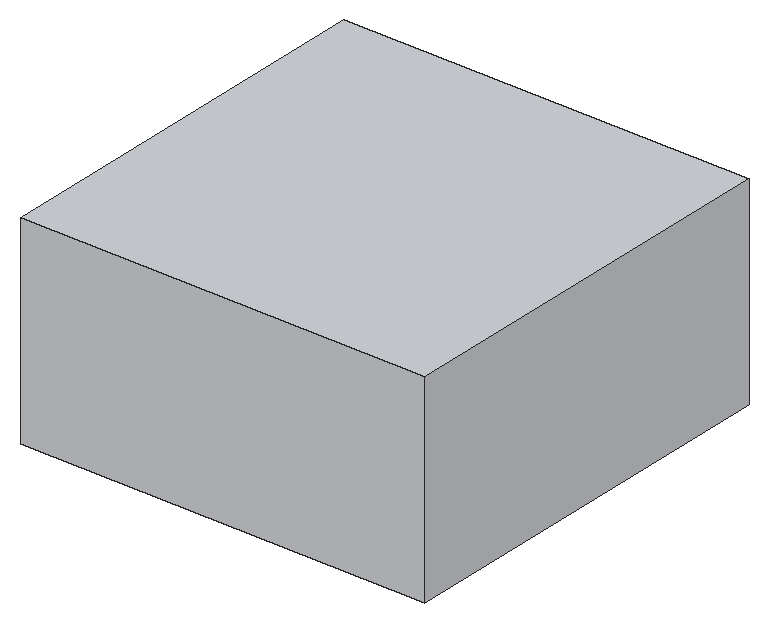
Revit family "Furniture_2022", category Furniture, Revit 2022
Family settings
  OmniClass Number = 23.40.20.00
  OmniClass Title = General Furniture and Specialties
  Work Plane-Based = No
  Always vertical = Yes
  Cut with Voids When Loaded = No
  Render Appearance Source = Family Geometry
  Shared = No
  Room Calculation Point = No
Parameters
  Default Elevation = 0 mm
Reference planes
  plane 1 "Center (Front/Back)": y = 0
  plane 2: z = 0
  plane 3 "Center (Left/Right)": x = 0
Forms (mm)
  Extrusion 1, solid
    sketch origin (0, 0, 0) x (1, 0, 0) y (0, 1, 0)
      loop
        line (-184.301, 251.45) -> (-184.301, -248.55) -> (315.699, -248.55) -> (315.699, 251.45) -> (-184.301, 251.45)
    from 0 to 250
Dimensions and locks
  aligned and locked: level to plane 2
